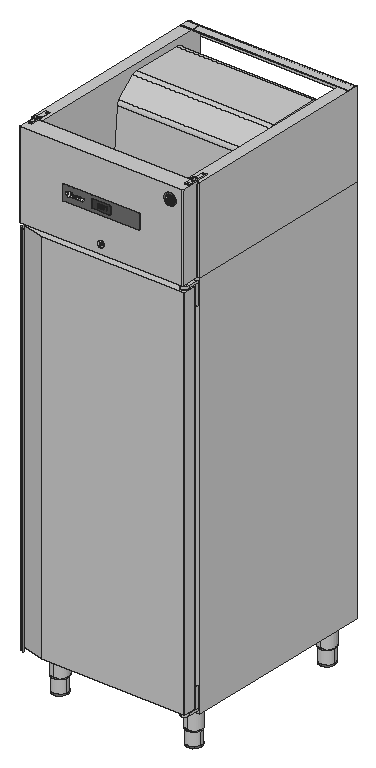
Revit family "QF_HOSHIZAKI_133701010", category Specialty Equipment, Revit 2016
Family settings
  Part Type = Normal
  Round Connector Dimension = Use Diameter
  OmniClass Number = 23.40.40.14
  OmniClass Title = Food Service Equipment
  Work Plane-Based = No
  Always vertical = Yes
  Cut with Voids When Loaded = No
  Shared = No
  Room Calculation Point = No
Parameters (values of type "133701010_230V/1Ph/50Hz")
  Weight = 123.00 kg
  Volts = 230 V
  URL Cutsheet = ""
  URL = "www.hoshizaki-europe.com"
  Status [instance] = ""
  Specification by User [instance] = ""
  Specification by Manufacturer [instance] = ""
  Serial Number = ""
  Seismic Rating = ""
  SMACNA No = ""
  Revision Code [instance] = ""
  Phase = 1
  Number of Poles = 2
  NAFEM Spec ID Number = ""
  Model = "ADVANCE F 70-4 L DR"
  Min Ckt Ampacity = 0 A
  Max Overcurrent Protection = 0 A
  Masterspec = ""
  Manufacturer = "HOSHIZAKI"
  Length Actual = 654 mm
  Item Number [instance] = ""
  Installed By [instance] = ""
  Identify Quantity as Lot [instance] = no
  Height Actual = 2000 mm
  HP power = ""
  Furnished By [instance] = ""
  Foodservice Equipment Identifier [instance] = yes
  FL Amps = 25.86 A
  Electric power = 5950 W
  Electric Connection Type [instance] = ""
  Elec Conn RI Height [instance] = 0 mm
  Elec Conn Connection Height [instance] = 1550 mm
  Description = "ADVANCE FREEZER, 2/1 DEEP, AISI430 STAINLESS STEEL EXTERIOR AND INTERIOR, HC NATURAL REFRIGERANT, LEGS"
  Depth Actual = 830 mm
  Cycle = 50 Hz
  Cost = 0
  Conn Plug = ""
  Conn Conduit = no
  CSI MasterFormat = ""
  Assembly Code = "E1090320"
  Apparent Power = 5950 VA
  Accessory = no
Reference planes
  plane 1 "Center (Front/Back)": y = 0
  plane 2: z = 0
  plane 3 "Center (Left/Right)": x = 0
Forms (mm)
  Extrusion 1, solid, not visible
    sketch origin (624, -2, 1699) x (1, 0, 0) y (0, 1, 0)
      loop
        line (0, 0) -> (2, 0) -> (2, 2) -> (0, 2) -> (0, 0)
    from 0 to 2
Dimensions and locks
  aligned and locked: level to plane 2
Nested families
  nested 1: "QF_HOSHIZAKI_133701010_230V_1Ph_50Hz" at (0, 0, 150), type "133701010_230V/1Ph/50Hz"
    with Show Logo yes, Show Clearance yes
  nested 2: "QF_HOSHIZAKI_PRE_ADV_LEGS" at (0, 0, 0), type "760660118-654X830"
    with Length Actual 654 mm, Height Actual 150 mm, Depth Actual 830 mm
  nested 3: "QF_HOSHIZAKI_AD_70_RX_SS_DOOR" at (0, -760, 160), type "AD_70_RX_SS_DOOR"
    with Show Logo yes, Show Clearance yes
Connectors
  electrical at (625, 0, 1700), driven by "Apparent Power", driven by "Number of Poles", driven by "Volts"
    settings: on Extrusion 1, index 1, voltage 230 V, apparent load 0 VA, apparent load phase1 5950 VA, apparent load phase2 0 VA, apparent load phase3 0 VA, power factor 1, load classification "Other", number of poles 2, system type 31, power factor state 1, is connector primary yes, connector utility no, sub classification motor no, connector description "Electric connection for '133701010'"
Definition of nested family "QF_HOSHIZAKI_133701010_230V_1Ph_50Hz"
  Parameters (values of type "133701010_230V/1Ph/50Hz")
    URL = "www.hoshizaki-europe.com"
    Show Logo [instance] = yes
    Show Clearance [instance] = yes
    Model = "ADVANCE F 70-4 L DR"
    Manufacturer = "HOSHIZAKI"
    Description = "ADVANCE FREEZER, 2/1 DEEP, AISI 304 STAINLESS STEEL EXTERIOR AND INTERIOR, HC NATURAL REFRIGERANT, LEGS"
    Assembly Code = "E1090320"
  Types (6, lengths in mm): name | Model | Description
    131701010 | "ADVANCE K 70-4 L DR" | "ADVANCE REFRIGERATOR, 2/1 GN DEEP, AISI 304 STAINLESS STEEL EXTERIOR AND INTERIOR, HC NATURAL REFRIGERANT, LEGS"
    133701010_230V/1Ph/50Hz | "ADVANCE F 70-4 L DR" | "ADVANCE FREEZER, 2/1 DEEP, AISI 304 STAINLESS STEEL EXTERIOR AND INTERIOR, HC NATURAL REFRIGERANT, LEGS"
    121702010 | "ADVANCE K 70-3 C DR" | "ADVANCE REFRIGERATOR, 2/1 GN DEEP, AISI 403 STAINLESS STEEL EXTERIOR AND INTERIOR, HC NATURAL REFRIGERANT, CASTORS"
    123702010 | "ADVANCE F 70-3 C DR" | "ADVANCE FREEZER, 2/1 DEEP, AISI 403 STAINLESS STEEL EXTERIOR AND INTERIOR, HC NATURAL REFRIGERANT, CASTORS"
    131702030 | "ADVANCE K 70-4 C DR U" | "ADVANCE REFRIGERATOR, 2/1 GN DEEP, AISI 304 STAINLESS STEEL EXTERIOR AND INTERIOR, HC NATURAL REFRIGERANT, CASTORS"
    133702030 | "ADVANCE F 70-4 C DR U" | "ADVANCE FREEZER, 2/1 DEEP, AISI 304 STAINLESS STEEL EXTERIOR AND INTERIOR, HC NATURAL REFRIGERANT, CASTORS"
  Reference planes
    plane 1 "Back": y = 0
    plane 2: z = 0
    plane 3 "Left": x = 0
    plane 4 "Right": x = 654
    plane 5 "Front": y = -830.03
    plane 6 "Top": z = 1850
  Forms (mm)
    Extrusion 1, solid
      sketch origin (-36.57, 17.6, 1850) x (1, 0, 0) y (0, 1, 0)
        loop
          line (675.57, -773.038) -> (675.57, -726.21) -> (660.57, -726.21) -> (660.57, -773.038) -> (675.57, -773.038)
        loop
          circle (668.07, -734.247) r 1.711
        loop
          circle (668.07, -765.001) r 1.711
      from 0 to 2
    Extrusion 2, solid
      sketch origin (-36.57, -41.259, 1850) x (1, 0, 0) y (0, 1, 0)
        loop
          line (675.57, -752.351) -> (675.57, -720.851) -> (660.57, -720.851) -> (660.57, -752.351) -> (675.57, -752.351)
        loop
          circle (668.07, -727.851) r 1.711
        loop
          circle (668.07, -745.351) r 1.711
      from 0 to 2
    Extrusion 3, solid
      sketch origin (624, 17.6, -100.1) x (0, 1, 0) y (0, 0, 1)
        loop
          arc (-776.21, 1952.1) -> (-777.016, 1954.865) -> (-774.851, 1952.966) r 1.5
          line (-774.851, 1952.966) -> (-772.968, 1952.281)
          arc (-772.968, 1952.281) -> (-778.164, 1956.504) -> (-776.21, 1950.1) r 3.5
          line (-776.21, 1950.1) -> (-773.038, 1950.1) -> (-773.038, 1952.1) -> (-776.21, 1952.1)
      from 0 to 15
    Extrusion 4, solid
      sketch origin (-645.57, 17.6, 1850) x (1, 0, 0) y (0, 1, 0)
        loop
          line (675.57, -773.038) -> (675.57, -726.21) -> (660.57, -726.21) -> (660.57, -773.038) -> (675.57, -773.038)
        loop
          circle (668.07, -734.247) r 1.711
        loop
          circle (668.07, -765.001) r 1.711
      from 0 to 2
    Extrusion 5, solid
      sketch origin (-645.57, -41.259, 1850) x (1, 0, 0) y (0, 1, 0)
        loop
          line (675.57, -752.351) -> (675.57, -720.851) -> (660.57, -720.851) -> (660.57, -752.351) -> (675.57, -752.351)
        loop
          circle (668.07, -727.851) r 1.711
        loop
          circle (668.07, -745.351) r 1.711
      from 0 to 2
    Extrusion 6, solid
      sketch origin (15, 17.6, -100.1) x (0, 1, 0) y (0, 0, 1)
        loop
          arc (-776.21, 1952.1) -> (-777.016, 1954.865) -> (-774.851, 1952.966) r 1.5
          line (-774.851, 1952.966) -> (-772.968, 1952.281)
          arc (-772.968, 1952.281) -> (-778.164, 1956.504) -> (-776.21, 1950.1) r 3.5
          line (-776.21, 1950.1) -> (-773.038, 1950.1) -> (-773.038, 1952.1) -> (-776.21, 1952.1)
      from 0 to 15
    Extrusion 7, solid
      sketch origin (0, 0, -100) x (0, 1, 0) y (0, 0, 1)
        loop
          line (-760, 1617.5) -> (0, 1617.5) -> (0, 1948.5)
          arc (0, 1948.5) -> (-0.439, 1949.561) -> (-1.5, 1950) r 1.5
          line (-1.5, 1950) -> (-759.35, 1950)
          arc (-759.35, 1950) -> (-759.81, 1949.81) -> (-760, 1949.35) r 0.65
          line (-760, 1949.35) -> (-760, 1617.5)
      from 0 to 45
    Extrusion 8, solid
      sketch origin (609, 0, -100) x (0, 1, 0) y (0, 0, 1)
        loop
          line (-760, 1617.5) -> (0, 1617.5) -> (0, 1948.5)
          arc (0, 1948.5) -> (-0.439, 1949.561) -> (-1.5, 1950) r 1.5
          line (-1.5, 1950) -> (-759.35, 1950)
          arc (-759.35, 1950) -> (-759.81, 1949.81) -> (-760, 1949.35) r 0.65
          line (-760, 1949.35) -> (-760, 1617.5)
      from 0 to 45
    Extrusion 9, solid
      sketch origin (0, 1.5, -100.1) x (0, 1, 0) y (0, 0, 1)
        loop
          line (-1.51, 1951.6) -> (-38.51, 1951.6) -> (-38.51, 1950.1) -> (-3, 1950.1)
          arc (-3, 1950.1) -> (-1.939, 1949.661) -> (-1.5, 1948.6) r 1.5
          line (-1.5, 1948.6) -> (-1.5, 1914.7) -> (0, 1914.7) -> (0, 1950.09)
          arc (0, 1950.09) -> (-0.442, 1951.158) -> (-1.51, 1951.6) r 1.51
      from 1.06 to 653.06
    Extrusion 10, solid
      sketch origin (0, 17.6, 1849.9) x (1, 0, 0) y (0, 1, 0)
        loop
          line (10, -778.8) -> (10, -842.7)
          arc (10, -842.7) -> (11.435, -846.165) -> (14.9, -847.6) r 4.9
          line (14.9, -847.6) -> (639.1, -847.6)
          arc (639.1, -847.6) -> (642.565, -846.165) -> (644, -842.7) r 4.9
          line (644, -842.7) -> (644, -778.8)
          arc (644, -778.8) -> (643.649, -777.951) -> (642.8, -777.6) r 1.2
          line (642.8, -777.6) -> (11.2, -777.6)
          arc (11.2, -777.6) -> (10.351, -777.951) -> (10, -778.8) r 1.2
      from -332.4 to 0.1
    Extrusion 11, solid
      sketch origin (7.29, 0, -100) x (0, 1, 0) y (0, 0, 1)
        loop
          arc (-113.281, 1932.651) -> (-120.8, 1936.992) -> (-129.35, 1938.5) r 25
          line (-129.35, 1938.5) -> (-324.65, 1938.5)
          arc (-324.65, 1938.5) -> (-333.2, 1936.992) -> (-340.719, 1932.651) r 25
          line (-340.719, 1932.651) -> (-408.922, 1875.423)
          arc (-408.922, 1875.423) -> (-415.027, 1867.815) -> (-417.757, 1858.45) r 25
          line (-417.757, 1858.45) -> (-436.998, 1638.52) -> (-17.002, 1638.52) -> (-36.243, 1858.45)
          arc (-36.243, 1858.45) -> (-38.973, 1867.815) -> (-45.078, 1875.423) r 25
          line (-45.078, 1875.423) -> (-113.281, 1932.651)
      from 52.71 to 586.71
    Extrusion 12, solid
      sketch origin (0, 0, -100) x (1, 0, 0) y (0, 0, 1)
        loop
          line (45, 1638.52) -> (45, 1617.5) -> (609, 1617.5) -> (609, 1638.52) -> (45, 1638.52)
      from 0 to 760
    Extrusion 13, solid, visible <- "Show Logo"
      sketch origin (1053.884, -828.5, -60.1) x (-1, 0, 0) y (0, 0, -1)
        loop
          circle (459.884, -1862.5) r 13.99
      from 0 to 2.5
    Extrusion 14, solid, visible <- "Show Logo"
      sketch origin (1053.884, -829, -60.1) x (-1, 0, 0) y (0, 0, -1)
        loop
          circle (459.884, -1862.5) r 15
        loop
          arc (446.884, -1862.5) -> (460.705, -1875.474) -> (472.781, -1860.863) r 13
          line (472.781, -1860.863) -> (470.355, -1858.437) -> (469.346, -1862.201) -> (466.355, -1863.928) -> (465.024, -1865.26) -> (463.375, -1865.26) -> (462.04, -1870.241) -> (457.755, -1870.241) -> (459.339, -1867.979) -> (460.402, -1864.014) -> (461.224, -1860.945) -> (462.416, -1856.497) -> (461.216, -1855.297) -> (459.433, -1857.843) -> (455.784, -1851.523) -> (460.361, -1851.523) -> (461.471, -1853.446) -> (469.213, -1853.446)
          arc (469.213, -1853.446) -> (460.394, -1849.51) -> (451.293, -1852.743) r 13
          line (451.293, -1852.743) -> (455.577, -1853.891) -> (453.752, -1856.497) -> (455.349, -1856.497) -> (454.477, -1866.459) -> (452.538, -1866.459) -> (446.884, -1862.5)
        loop
          line (447.853, -1857.467) -> (452.313, -1861.926) -> (450.144, -1853.891)
          arc (450.144, -1853.891) -> (448.878, -1855.602) -> (447.853, -1857.467) r 15.828
        loop
          line (463.583, -1862.877) -> (466.64, -1862.399) -> (464.901, -1861.285) -> (463.583, -1857.664) -> (463.583, -1862.877)
        loop
          line (464.827, -1855.979) -> (468.296, -1856.908) -> (469.573, -1854.916) -> (468.881, -1854.224) -> (467.914, -1855.035) -> (464.827, -1855.979)
        loop
          line (462.609, -1872.307) -> (462.609, -1874.009) -> (464.927, -1873.388) -> (462.609, -1872.307)
        loop
          line (460.361, -1874.662) -> (459.594, -1873.335) -> (460.801, -1872.638) -> (459.186, -1872.205) -> (458.298, -1874.11) -> (460.361, -1874.662)
        loop
          line (459.623, -1846.783) -> (460.706, -1845.701) -> (462.247, -1845.701) -> (461.191, -1844.645) -> (461.503, -1842.874) -> (459.623, -1843.959) -> (457.743, -1842.874) -> (458.055, -1844.645) -> (456.999, -1845.701) -> (458.54, -1845.701) -> (459.623, -1846.783)
        loop
          line (446.86, -1853.7) -> (446.594, -1852.191) -> (447.478, -1850.929) -> (446.007, -1851.188) -> (444.736, -1849.917) -> (444.547, -1852.08) -> (442.579, -1852.997) -> (444.209, -1853.757) -> (444.468, -1855.228) -> (445.352, -1853.965) -> (446.86, -1853.7)
        loop
          line (452.395, -1848.68) -> (452.856, -1847.219) -> (454.223, -1846.508) -> (452.799, -1846.059) -> (452.258, -1844.344) -> (451.091, -1846.175) -> (448.922, -1846.08) -> (450.017, -1847.507) -> (449.568, -1848.931) -> (450.935, -1848.219) -> (452.395, -1848.68)
        loop
          line (472.909, -1853.7) -> (474.417, -1853.965) -> (475.301, -1855.228) -> (475.56, -1853.757) -> (477.19, -1852.997) -> (475.222, -1852.08) -> (475.033, -1849.917) -> (473.761, -1851.188) -> (472.291, -1850.929) -> (473.175, -1852.191) -> (472.909, -1853.7)
        loop
          line (467.374, -1848.68) -> (468.834, -1848.219) -> (470.201, -1848.931) -> (469.752, -1847.507) -> (470.847, -1846.08) -> (468.678, -1846.175) -> (467.511, -1844.344) -> (466.97, -1846.059) -> (465.546, -1846.508) -> (466.913, -1847.219) -> (467.374, -1848.68)
      from 0 to 2.5
    Extrusion 15, solid, visible <- "Show Logo"
      sketch origin (1053.884, -829, -60.1) x (-1, 0, 0) y (0, 0, -1)
        loop
          line (462.609, -1874.009) -> (462.609, -1872.307) -> (462.085, -1870.241) -> (457.755, -1870.241) -> (459.339, -1867.979) -> (462.416, -1856.497) -> (461.216, -1855.297) -> (459.433, -1857.843) -> (455.808, -1851.565) -> (453.948, -1851.565) -> (455.577, -1853.891) -> (454.477, -1866.459) -> (456.345, -1871.339)
          arc (456.345, -1871.339) -> (456.868, -1874.025) -> (459.213, -1875.435) r 3.366
          arc (459.213, -1875.435) -> (460.198, -1875.496) -> (461.183, -1875.435) r 8.046
          line (461.183, -1875.435) -> (462.609, -1874.009)
        loop
          line (456.854, -1851.523) -> (460.361, -1851.523) -> (460.916, -1852.485) -> (462.702, -1852.485) -> (463.779, -1851.407) -> (460.623, -1851.407) -> (461.563, -1850.468) -> (456.245, -1850.468) -> (456.854, -1851.523)
        loop
          line (460.361, -1874.662) -> (459.594, -1873.335) -> (460.801, -1872.638) -> (459.186, -1872.205) -> (458.298, -1874.11) -> (460.361, -1874.662)
      from 0 to 2.5
    Extrusion 16, solid, visible <- "Show Logo"
      sketch origin (1039.5, -828.5, 1238.8) x (-1, 0, 0) y (0, 0, -1)
        loop
          circle (445.5, -563.6) r 22.5
      from 0 to 2
    Extrusion 17, solid
      sketch origin (0, 0, 0) x (1, 0, 0) y (0, 0, 1)
        loop
          line (0, 1517.5) -> (0, 0) -> (654, 0) -> (654, 1517.5) -> (0, 1517.5)
        loop
          line (60, 1457.5) -> (60, 60) -> (594, 60) -> (594, 1457.5) -> (60, 1457.5)
      from 0 to 760
    Extrusion 18, solid
      sketch origin (0, 0, 0) x (1, 0, 0) y (0, 0, 1)
        loop
          line (60, 60) -> (594, 60) -> (594, 1457.5) -> (60, 1457.5) -> (60, 60)
      from 0 to 45
    Extrusion 19, solid
      sketch origin (619.076, -828.5, -100.11) x (1, 0, 0) y (0, 0, 1)
        loop
          arc (-147.076, 1752.13) -> (-143.541, 1753.594) -> (-142.076, 1757.13) r 5
          line (-142.076, 1757.13) -> (-142.076, 1807.13)
          arc (-142.076, 1807.13) -> (-143.541, 1810.666) -> (-147.076, 1812.13) r 5
          line (-147.076, 1812.13) -> (-437.076, 1812.13)
          arc (-437.076, 1812.13) -> (-440.612, 1810.666) -> (-442.076, 1807.13) r 5
          line (-442.076, 1807.13) -> (-442.076, 1757.13)
          arc (-442.076, 1757.13) -> (-440.612, 1753.594) -> (-437.076, 1752.13) r 5
          line (-437.076, 1752.13) -> (-147.076, 1752.13)
        loop
          line (-329.576, 1792.63) -> (-329.576, 1771.63)
          arc (-329.576, 1771.63) -> (-327.819, 1767.387) -> (-323.576, 1765.63) r 6
          line (-323.576, 1765.63) -> (-260.576, 1765.63)
          arc (-260.576, 1765.63) -> (-256.334, 1767.387) -> (-254.576, 1771.63) r 6
          line (-254.576, 1771.63) -> (-254.576, 1792.63)
          arc (-254.576, 1792.63) -> (-256.334, 1796.873) -> (-260.576, 1798.63) r 6
          line (-260.576, 1798.63) -> (-323.576, 1798.63)
          arc (-323.576, 1798.63) -> (-327.819, 1796.873) -> (-329.576, 1792.63) r 6
      from 0 to 2
    Extrusion 20, solid
      sketch origin (619.076, -828.5, -100.11) x (1, 0, 0) y (0, 0, 1)
        loop
          arc (-323.576, 1798.63) -> (-327.819, 1796.873) -> (-329.576, 1792.63) r 6
          line (-329.576, 1792.63) -> (-329.576, 1771.63)
          arc (-329.576, 1771.63) -> (-327.819, 1767.387) -> (-323.576, 1765.63) r 6
          line (-323.576, 1765.63) -> (-260.576, 1765.63)
          arc (-260.576, 1765.63) -> (-256.334, 1767.387) -> (-254.576, 1771.63) r 6
          line (-254.576, 1771.63) -> (-254.576, 1792.63)
          arc (-254.576, 1792.63) -> (-256.334, 1796.873) -> (-260.576, 1798.63) r 6
          line (-260.576, 1798.63) -> (-323.576, 1798.63)
      from 0 to 2
    Extrusion 21, solid
      sketch origin (619.076, -829, -100.11) x (1, 0, 0) y (0, 0, 1)
        loop
          line (-298.911, 1787.691) -> (-298.115, 1788.439) -> (-298.929, 1789.206) -> (-304.501, 1789.206) -> (-305.3, 1788.422) -> (-304.534, 1787.691) -> (-298.911, 1787.691)
        loop
          line (-296.938, 1787.449) -> (-297.831, 1788.111) -> (-298.725, 1787.449) -> (-298.725, 1783.432) -> (-297.831, 1782.769) -> (-296.938, 1783.432) -> (-296.938, 1787.449)
        loop
          line (-298.911, 1777.181) -> (-304.534, 1777.181) -> (-305.3, 1776.45) -> (-304.501, 1775.666) -> (-298.929, 1775.666) -> (-298.115, 1776.432) -> (-298.911, 1777.181)
        loop
          line (-296.938, 1777.423) -> (-296.938, 1781.44) -> (-297.831, 1782.103) -> (-298.725, 1781.44) -> (-298.725, 1777.423) -> (-297.831, 1776.761) -> (-296.938, 1777.423)
        loop
          line (-298.911, 1783.189) -> (-304.534, 1783.189) -> (-305.3, 1782.459) -> (-304.501, 1781.675) -> (-298.929, 1781.675) -> (-298.115, 1782.441) -> (-298.911, 1783.189)
        loop
          line (-270.911, 1787.691) -> (-270.115, 1788.439) -> (-270.929, 1789.206) -> (-276.501, 1789.206) -> (-277.3, 1788.422) -> (-276.534, 1787.691) -> (-270.911, 1787.691)
        loop
          line (-268.938, 1787.449) -> (-269.831, 1788.111) -> (-270.725, 1787.449) -> (-270.725, 1783.432) -> (-269.831, 1782.769) -> (-268.938, 1783.432) -> (-268.938, 1787.449)
        loop
          line (-268.938, 1777.423) -> (-268.938, 1781.44) -> (-269.831, 1782.103) -> (-270.725, 1781.44) -> (-270.725, 1777.423) -> (-269.831, 1776.761) -> (-268.938, 1777.423)
        loop
          line (-294.968, 1776.333) -> (-293.829, 1775.386) -> (-292.676, 1776.348) -> (-293.829, 1777.28) -> (-294.968, 1776.333)
        loop
          line (-282.911, 1777.226) -> (-288.534, 1777.226) -> (-289.3, 1776.496) -> (-288.501, 1775.712) -> (-282.929, 1775.712) -> (-282.115, 1776.478) -> (-282.911, 1777.226)
        loop
          line (-280.938, 1777.469) -> (-280.938, 1781.486) -> (-281.831, 1782.148) -> (-282.725, 1781.486) -> (-282.725, 1777.469) -> (-281.831, 1776.806) -> (-280.938, 1777.469)
        loop
          line (-282.911, 1787.737) -> (-282.115, 1788.485) -> (-282.929, 1789.251) -> (-288.501, 1789.251) -> (-289.3, 1788.467) -> (-288.534, 1787.737) -> (-282.911, 1787.737)
        loop
          line (-280.938, 1787.494) -> (-281.831, 1788.157) -> (-282.725, 1787.494) -> (-282.725, 1783.477) -> (-281.831, 1782.815) -> (-280.938, 1783.477) -> (-280.938, 1787.494)
        loop
          line (-282.911, 1781.728) -> (-282.115, 1782.476) -> (-282.929, 1783.243) -> (-288.501, 1783.243) -> (-289.3, 1782.459) -> (-288.534, 1781.728) -> (-282.911, 1781.728)
        loop
          line (-290.492, 1787.494) -> (-290.492, 1783.477) -> (-289.599, 1782.815) -> (-288.705, 1783.477) -> (-288.705, 1787.494) -> (-289.599, 1788.157) -> (-290.492, 1787.494)
      from 0 to 2
    Revolve 22, solid
      sketch origin (327, 917.6, -100.11) x (0, 1, 0) y (0, 0, 1)
        loop
          line (-1752.6, 1652.1) -> (-1747.6, 1652.1) -> (-1747.6, 1662.634)
          arc (-1747.6, 1662.634) -> (-1748.329, 1663.731) -> (-1749.631, 1663.534) r 1.226
          line (-1749.631, 1663.534) -> (-1752.6, 1660.565) -> (-1752.6, 1652.1)
        axis (-1747.6, 1652.1) -> (-1752.6, 1652.1)
      angle from 0 to 360
    Extrusion 23, void
      sketch origin (-818.06, -833.5, -101.61) x (1, 0, 0) y (0, 0, 1)
        loop
          line (1143.96, 1657.815) -> (1143.96, 1649.385) -> (1146.16, 1649.385) -> (1146.16, 1657.815) -> (1143.96, 1657.815)
      from -1.469 to 2
    Extrusion 24, solid, visible <- "Show Logo"
      sketch origin (787.623, -829, -98.186) x (1, 0, 0) y (0, 0, 1)
        loop
          line (-574.302, 1788.729) -> (-583.131, 1788.729)
          arc (-583.131, 1788.729) -> (-589.303, 1787.599) -> (-594.673, 1784.355) r 17.416
          arc (-594.673, 1784.355) -> (-596.462, 1781.094) -> (-595.769, 1777.439) r 5.506
          arc (-595.769, 1777.439) -> (-593.146, 1774.866) -> (-589.587, 1773.956) r 7.07
          line (-589.587, 1773.956) -> (-587.25, 1773.956) -> (-588.248, 1771.34) -> (-581.613, 1771.34) -> (-580.432, 1773.956) -> (-571.398, 1773.956) -> (-569.064, 1779.592) -> (-566.746, 1773.956) -> (-559.715, 1773.956) -> (-557.728, 1776.29) -> (-552.838, 1776.29) -> (-551.953, 1773.956) -> (-545.563, 1773.956) -> (-543.121, 1779.778) -> (-540.707, 1773.914) -> (-533.897, 1779.586) -> (-536.239, 1773.956) -> (-530.603, 1773.956) -> (-526.429, 1784.233) -> (-531.941, 1784.233) -> (-537.329, 1779.747) -> (-539.135, 1784.233) -> (-544.054, 1784.233) -> (-547.268, 1776.58) -> (-550.408, 1784.233) -> (-554.271, 1784.233) -> (-561.118, 1776.477) -> (-561.995, 1776.477) -> (-562.958, 1778.877)
          arc (-562.958, 1778.877) -> (-561.217, 1779.568) -> (-560.011, 1781.001) r 3.84
          arc (-560.011, 1781.001) -> (-560.124, 1783.171) -> (-562.025, 1784.225) r 2.241
          line (-562.025, 1784.225) -> (-573.005, 1784.225) -> (-576.227, 1776.507) -> (-579.37, 1776.507) -> (-576.183, 1784.227) -> (-585.103, 1784.227) -> (-586.099, 1781.742) -> (-583.981, 1781.742) -> (-586.194, 1776.345)
          arc (-586.194, 1776.345) -> (-588.764, 1776.925) -> (-590.188, 1779.141) r 3.476
          arc (-590.188, 1779.141) -> (-590.046, 1780.636) -> (-589.587, 1782.064) r 6.962
          arc (-589.587, 1782.064) -> (-587.018, 1785.071) -> (-583.227, 1786.194) r 6.962
          line (-583.227, 1786.194) -> (-575.446, 1786.194) -> (-574.302, 1788.729)
        loop
          line (-568.201, 1781.677) -> (-568.99, 1779.771) -> (-567.006, 1779.771)
          arc (-567.006, 1779.771) -> (-565.95, 1780.209) -> (-565.513, 1781.264) r 1.493
          arc (-565.513, 1781.264) -> (-565.795, 1781.565) -> (-566.192, 1781.677) r 0.765
          line (-566.192, 1781.677) -> (-568.201, 1781.677)
        loop
          line (-554.482, 1780.63) -> (-556.797, 1778.007) -> (-553.488, 1778.007) -> (-554.482, 1780.63)
      from 0 to 2
  Cuts and joins
    joined: Extrusion 17, Extrusion 18
    Extrusion 23 cuts Revolve 22
  Lines and regions (mm)
    symbolic lines
      curve 1: line (0, 0, 0) -> (0, -760, 0)
      curve 2: line (654, -760, 0) -> (654, 0, 0)
      curve 3: line (14.9, -830, 0) -> (639.1, -830, 0)
      curve 4: line (654, 0, 0) -> (0, 0, 0)
      curve 5: line (60, -37.01, 0) -> (60, -436.998, 0)
      curve 6: line (60, -436.998, 0) -> (594, -436.998, 0)
      curve 7: line (594, -436.998, 0) -> (594, -37.01, 0)
      curve 8: line (609, -37.01, 0) -> (609, -760, 0)
      curve 9: line (45, -760, 0) -> (45, -37.01, 0)
      curve 10: line (0, -37.01, 0) -> (654, -37.01, 0)
      curve 11: line (654, -760, 0) -> (0, -760, 0)
      curve 12: line (644, -825.1, 0) -> (644, -761.2, 0)
      curve 13: arc (639.1, -830, 0) -> (642.565, -828.565, 0) -> (644, -825.1, 0) r 4.9
      curve 14: arc (10, -825.1, 0) -> (11.435, -828.565, 0) -> (14.9, -830, 0) r 4.9
      curve 15: line (10, -761.2, 0) -> (10, -825.1, 0)
      curve 16: arc (11.2, -760, 0) -> (10.351, -760.351, 0) -> (10, -761.2, 0) r 1.2
      curve 17: arc (644, -761.2, 0) -> (643.649, -760.351, 0) -> (642.8, -760, 0) r 1.2
  Dimensions and locks
    plane 4 "Right" to plane 3 "Left" = 654 mm
    plane 6 "Top" to level = 1850 mm  (x2)
    plane 3 "Left" to plane 4 "Right" = 654 mm
    plane 5 "Front" to plane 1 "Back" = 830.03 mm
    plane 1 "Back" to plane 5 "Front" = 830.03 mm
    aligned and locked: level to plane 2
Definition of nested family "QF_HOSHIZAKI_PRE_ADV_LEGS"
  Parameters (values of type "760660118-654X830")
    Weight [instance] = 0.00 kg
    URL Cutsheet [instance] = ""
    URL = "www.hoshizaki-europe.com"
    Status [instance] = ""
    Specification by User [instance] = ""
    Specification by Manufacturer [instance] = ""
    Serial Number [instance] = ""
    Seismic Rating [instance] = ""
    SMACNA No [instance] = ""
    Right offset = 67 mm
    Revision Code [instance] = ""
    Rear offset = 58 mm
    NAFEM Spec ID Number [instance] = ""
    Model = "L1"
    Masterspec [instance] = ""
    Manufacturer = "HOSHIZAKI"
    Length Actual [instance] = 654 mm
    Left offset = 67 mm
    Item Number [instance] = ""
    Installed By [instance] = ""
    Identify Quantity as Lot [instance] = no
    Height Actual [instance] = 150 mm
    Furnished By [instance] = ""
    Front offset = 125 mm
    Foodservice Equipment Identifier [instance] = no
    Description = "SET OF STAINLESS LEGS 130-180 MM"
    Depth Actual [instance] = 830 mm
    Cost = 0
    CSI MasterFormat [instance] = ""
    Assembly Code = "E1090320"
    Accessory [instance] = yes
  Reference planes
    plane 1 "Back": y = 0
    plane 2: z = 0
    plane 3 "Left": x = 0
    plane 4 "Right": x = 654
    plane 5 "Front": y = -830
    plane 6 "Top": z = 150
    plane 7 "Left offset": x = 67
    plane 8 "Right offset": x = 587
    plane 9 "Rear offset": y = -58
    plane 10 "Front offset": y = -705
    plane 11 "Central": x = 327
  Dimensions and locks
    "Length Actual": plane 3 "Left" to plane 4 "Right"
    "Depth Actual": plane 5 "Front" to plane 1 "Back"
    "Left offset": plane 3 "Left" to plane 7 "Left offset"
    "Right offset": plane 8 "Right offset" to plane 4 "Right"
    "Rear offset": plane 9 "Rear offset" to plane 1 "Back"
    "Front offset": plane 10 "Front offset" to plane 5 "Front"
    "Height Actual": plane 6 "Top" to plane 2
    equal spacing: plane 7 "Left offset", plane 11 "Central", plane 8 "Right offset"
    aligned and locked: level to plane 2
    aligned and locked: nested 1 to plane 9 "Rear offset"
    aligned and locked: nested 2 to plane 9 "Rear offset"
    aligned and locked: nested 1 to plane 7 "Left offset"
    aligned and locked: nested 2 to plane 8 "Right offset"
    aligned and locked: nested 3 to plane 10 "Front offset"
    aligned and locked: nested 4 to plane 10 "Front offset"
    aligned and locked: nested 3 to plane 7 "Left offset"
    aligned and locked: nested 4 to plane 8 "Right offset"
  Nested families
    nested 1: "QF_LEGS" at (67, -58, 0), type "LEGS"
    nested 2: "QF_LEGS" at (587, -58, 0), type "LEGS"
    nested 3: "QF_LEGS" at (67, -705, 0), type "LEGS"
    nested 4: "QF_LEGS" at (587, -705, 0), type "LEGS"
  Definition of nested family "QF_LEGS"
    Parameters (values of type "LEGS")
      Height = 150 mm
    Reference planes
      plane 1 "Center (Front/Back)": y = 0
      plane 2: z = 0
      plane 3 "Center (Left/Right)": x = 0
      plane 4 "Top": z = 150
      plane 5: z = 147.5
    Forms (mm)
      Extrusion 1, solid
        sketch origin (0, 0, 150) x (0, 1, 0) y (-1, 0, 0)
          loop
            line (40, 40) -> (-40, 40) -> (-40, -40) -> (40, -40) -> (40, 40)
        from 0 to -2.5
      Extrusion 2, solid
        sketch origin (-199.986, 580, 0) x (1, 0, 0) y (0, 1, 0)
          loop
            circle (199.986, -580) r 28
        from 5 to 58
      Extrusion 3, solid
        sketch origin (-199.986, 580, 0) x (1, 0, 0) y (0, 1, 0)
          loop
            circle (199.986, -580) r 29
        from 0 to 5
      Revolve 4, solid
        sketch origin (0, 0, 0) x (0, 1, 0) y (0, 0, 1)
          loop
            line (0, 147.5) -> (-31.75, 147.5) -> (-31.75, 61.75)
            arc (-31.75, 61.75) -> (-30.652, 59.098) -> (-28, 58) r 3.75
            line (-28, 58) -> (0, 58) -> (0, 147.5)
          axis (0, 58) -> (0, 147.5)
        angle from 0 to 360
    Dimensions and locks
      "Height": plane 4 "Top" to plane 2
      locked: plane 4 "Top" to plane 5 at 2.5
      aligned and locked: level to plane 2
      aligned and locked: Revolve 4 sketch curve to plane 1 "Center (Front/Back)"
      aligned and locked: Extrusion 1 to plane 5
      aligned and locked: Revolve 4 sketch curve to plane 5
    Automatic sketch dimensions
      plane 1 "Center (Front/Back)" to Extrusion 1 sketch curve = 40 mm
      Extrusion 1 sketch curve to plane 1 "Center (Front/Back)" = 40 mm
      plane 3 "Center (Left/Right)" to Extrusion 1 sketch curve = 40 mm
      Extrusion 1 sketch curve to plane 3 "Center (Left/Right)" = 40 mm
      plane 1 "Center (Front/Back)" to Extrusion 2 sketch curve = 0 mm
      Extrusion 2 sketch curve to plane 3 "Center (Left/Right)" = 0 mm
      plane 1 "Center (Front/Back)" to Extrusion 3 sketch curve = 0 mm
      Extrusion 3 sketch curve to plane 3 "Center (Left/Right)" = 0 mm
      Revolve 4 sketch curve to plane 1 "Center (Front/Back)" = 0 mm
      Revolve 4 sketch curve to plane 5 = 0 mm
      plane 1 "Center (Front/Back)" to Revolve 4 sketch curve = 28 mm
      level to Revolve 4 sketch curve = 61.75 mm
      Revolve 4 sketch curve to Revolve 4 sketch curve = 3.75 mm
      Revolve 4 sketch curve to Revolve 4 sketch curve = 28 mm
      radius of Extrusion 2 sketch curve = 28 mm
      radius of Extrusion 3 sketch curve = 29 mm
Definition of nested family "QF_HOSHIZAKI_AD_70_RX_SS_DOOR"
  Parameters (values of type "AD_70_RX_SS_DOOR")
    Weight [instance] = 0.00 kg
    URL Cutsheet [instance] = ""
    URL = "www.hoshizaki-europe.com"
    Status [instance] = ""
    Specification by User [instance] = ""
    Specification by Manufacturer [instance] = ""
    Show Logo [instance] = yes
    Show Clearance [instance] = yes
    Serial Number [instance] = ""
    Seismic Rating [instance] = ""
    SMACNA No [instance] = ""
    Revision Code [instance] = ""
    NAFEM Spec ID Number [instance] = ""
    Model = "AD_70_RX_SS_DOOR"
    Masterspec [instance] = ""
    Manufacturer = "HOSHIZAKI"
    Length Actual [instance] = 0 mm
    Item Number [instance] = ""
    Installed By [instance] = ""
    Identify Quantity as Lot [instance] = no
    Height Actual [instance] = 0 mm
    Furnished By [instance] = ""
    Foodservice Equipment Identifier [instance] = no
    Description = "STAINLESS STEEL RIGHT OPENING DOOR"
    Depth Actual [instance] = 0 mm
    Cost = 0
    CSI MasterFormat [instance] = ""
    Assembly Code = "E1090320"
    Accessory [instance] = yes
  Reference planes
    plane 1 "Back": y = 0
    plane 2: z = 0
    plane 3 "Left": x = 0
    plane 4 "Right": x = 654
    plane 5 "Front": y = -70
    plane 6 "Top": z = 1495
  Forms (mm)
    Extrusion 1, solid
      sketch origin (-17.967, -34.997, 17.1) x (1, 0, 0) y (0, 0, 1)
        loop
          line (637.933, 1453.343) -> (53.047, 1453.343) -> (53.047, 14.657) -> (637.933, 14.657) -> (637.933, 1453.343)
        loop
          line (73.047, 1433.343) -> (73.047, 34.657) -> (617.933, 34.657) -> (617.933, 1433.343) -> (73.047, 1433.343)
      from -34.997 to -15.007
    Extrusion 2, solid
      sketch origin (-32.717, 3.632, 1485.1) x (1, 0, 0) y (0, 1, 0)
        loop
          line (646.35, -3.632) -> (646.35, -45.629)
          arc (646.35, -45.629) -> (662.35, -61.629) -> (678.35, -45.629) r 16
          line (678.35, -45.629) -> (678.35, -3.632) -> (646.35, -3.632)
        loop
          circle (662.35, -45.629) r 5
      from 2.9 to 9.9
    Extrusion 3, solid
      sketch origin (-32.717, 2.629, -84.9) x (0, 1, 0) y (0, 0, 1)
        loop
          line (-9.129, 1500.199) -> (-4.629, 1493.9) -> (-2.629, 1493.9) -> (-2.629, 1572.9) -> (-9.129, 1572.9) -> (-9.129, 1500.199)
      from 646.35 to 678.35
    Extrusion 4, solid
      sketch origin (-32.717, 3.632, 1485.1) x (1, 0, 0) y (0, 1, 0)
        loop
          circle (662.35, -45.629) r 16
      from 0 to 2.9
    Extrusion 5, solid
      sketch origin (-32.717, 3.632, 1485.1) x (1, 0, 0) y (0, 1, 0)
        loop
          circle (662.35, -45.629) r 5
      from 0 to 9.9
    Extrusion 6, solid
      sketch origin (-32.717, 3.632, 15.1) x (1, 0, 0) y (0, 1, 0)
        loop
          line (602.25, -32.879) -> (602.25, -58.379) -> (677.25, -58.379) -> (677.25, -32.879) -> (602.25, -32.879)
        loop
          circle (636.875, -45.629) r 5
        loop
          circle (611.525, -45.629) r 5
      from 0 to 2
    Extrusion 7, solid
      sketch origin (-32.717, 3.632, -2.9) x (0, -1, 0) y (1, 0, 0)
        loop
          line (3.632, 646.35) -> (45.629, 646.35)
          arc (45.629, 646.35) -> (61.629, 662.35) -> (45.629, 678.35) r 16
          line (45.629, 678.35) -> (3.632, 678.35) -> (3.632, 646.35)
        loop
          circle (45.629, 662.35) r 5
      from 2.9 to 9.9
    Extrusion 8, solid
      sketch origin (-32.717, 2.629, 1579.9) x (0, 1, 0) y (0, 0, 1)
        loop
          line (-9.129, -1500.199) -> (-9.129, -1572.9) -> (-2.629, -1572.9) -> (-2.629, -1493.9) -> (-4.629, -1493.9) -> (-9.129, -1500.199)
      from 646.35 to 678.35
    Extrusion 9, solid
      sketch origin (-32.717, 3.632, -1) x (0, -1, 0) y (1, 0, 0)
        loop
          circle (45.629, 662.35) r 5
      from 0 to 16.1
    Extrusion 10, solid
      sketch origin (-120.849, -113.154, 17.1) x (1, 0, 0) y (0, 1, 0)
        loop
          line (769.772, 93.164) -> (126.159, 93.164)
          arc (126.159, 93.164) -> (125.586, 92.927) -> (125.349, 92.354) r 0.81
          line (125.349, 92.354) -> (125.349, 59.955)
          arc (125.349, 59.955) -> (128.081, 51.647) -> (135.209, 46.581) r 14
          line (135.209, 46.581) -> (142.86, 44.213)
          arc (142.86, 44.213) -> (143.923, 44.774) -> (143.363, 45.837) r 0.85
          line (143.363, 45.837) -> (135.929, 48.138)
          arc (135.929, 48.138) -> (129.536, 52.667) -> (127.057, 60.1) r 12.598
          line (127.057, 60.1) -> (127.057, 70.711) -> (216.079, 43.154) -> (769.772, 43.154)
          arc (769.772, 43.154) -> (770.203, 43.333) -> (770.382, 43.764) r 0.61
          line (770.382, 43.764) -> (770.382, 92.554)
          arc (770.382, 92.554) -> (770.203, 92.985) -> (769.772, 93.164) r 0.61
      from 0 to 1468
    Extrusion 11, solid, visible <- "Show Clearance", detail levels coarse
      sketch origin (654, 0, 0) x (-1, 0, 0) y (0, -1, 0)
        loop
          line (4.5, 70) -> (649.5, 70)
          arc (649.5, 70) -> (460.584, 526.084) -> (4.5, 715) r 645
          line (4.5, 715) -> (4.5, 70)
      from 17.1 to 1485.1
  Lines and regions (mm)
    symbolic lines, visible <- "Show Clearance"
      curve 1: arc (649.5, -715, 0) -> (193.416, -526.084, 0) -> (4.5, -70, 0) r 645
      curve 2: line (649.5, -70, 0) -> (649.5, -715, 0)
  Dimensions and locks
    plane 4 "Right" to plane 3 "Left" = 654 mm
    plane 6 "Top" to level = 1495 mm  (x2)
    plane 3 "Left" to plane 4 "Right" = 654 mm
    plane 5 "Front" to plane 1 "Back" = 70 mm
    plane 1 "Back" to plane 5 "Front" = 70 mm
    aligned and locked: level to plane 2
